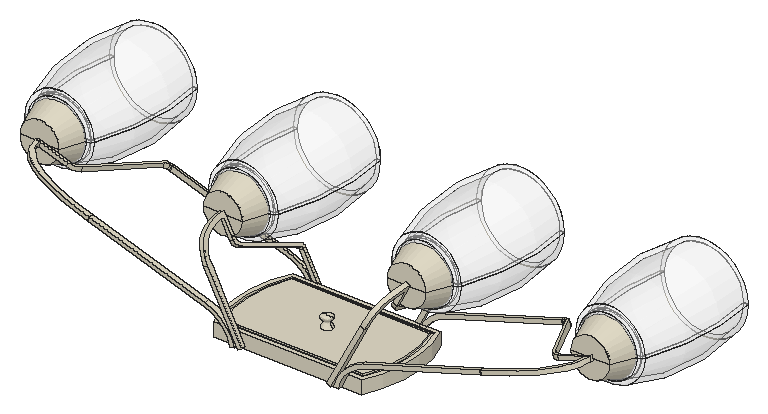
Revit family "P2797-09 4-100W MED BATH BRKT", category Lighting Fixtures, host Face, Revit 2012
Parameters (values of type "P2797-20 4-100W MED BATH BRKT")
  Wattage Comments = "100 W"
  URL = "http://www.progresslighting.com"
  Product Page URL = "https://progresslighting.com/products.aspx?product=P2797-20"
  Product Documentation Link = "https://progresslighting.com/SpecSheets/P2797.pdf"
  Model = "P2797-20 \r\nP2797-20 4-100W MED BATH BRKT\r\nP2797-20\r\nP2796-20"
  Manufacturer Phone = "864-678-1000"  # constant formula
  Manufacturer Fax = "864-678-1065"  # constant formula
  Manufacturer = "Progress Lighting"  # constant formula
  Lamp = "Three"
  Glass = White Etched Glass
  Family = "Wisten"
  Description = "Four-light bracket with etched glass."  # constant formula
  Default Elevation = 48"
  Back Plate = Brushed Nickel
Reference planes (in)
  plane 1 "Center (Front/Back)": y = 0
  plane 2: z = 0
  plane 3 "Center (Left/Right)": x = 0
  plane 4: z = 0.6
  plane 5: z = 0.55
  plane 6: y = 2.25
  plane 7: y = -2.25
  plane 8: z = 1.1
  plane 9: y = -0.69145
  plane 10: y = 5.80855
  plane 11: z = 6.25
  plane 12: z = 4.05
  plane 13: through (4.96619, -180, 1.7314) normal (-0.2924, 0, 0.9563)
  plane 14: x = -0.1
  plane 15: x = 0.1
  plane 16: x = -14.75
  plane 17: x = 14.75
  plane 18: x = -12.55
  plane 19: x = 12.55
  plane 20: x = -4.18333
  plane 21: x = 4.18333
  plane 22: through (12.55, -180, 4.05) normal (0.2924, 0, -0.9563)
  plane 23: through (-4.96619, -180, 1.7314) normal (-0.2924, 0, -0.9563)
  plane 24: through (-12.55, -180, 4.05) normal (0.2924, 0, 0.9563)
  plane 25: through (-4.96619, -180, 1.7314) normal (-0.2924, 0, -0.9563)
  plane 26: through (-12.55, -180, 4.05) normal (0.2924, 0, 0.9563)
  plane 27: through (4.20166, -180, 4.08459) normal (0.8829, 0, -0.4695)
Forms (in)
  Extrusion 1, solid, material "Brushed Nickel" <- "Back Plate"
    sketch origin (0, 0, 0) x (1, 0, 0) y (0, 1, 0)
      loop
        arc (-3.375, 2.25) -> (-3.875, 0) -> (-3.375, -2.25) r 5.3125
        line (-3.375, -2.25) -> (3.375, -2.25)
        arc (3.375, -2.25) -> (3.89326, 0) -> (3.375, 2.25) r 5.14326
        line (3.375, 2.25) -> (-3.375, 2.25)
    from 0 to 0.6
  Extrusion 2, void
    sketch origin (0, 0, 0) x (1, 0, 0) y (0, 1, 0)
      loop
        arc (-3.24651, 2.05078) -> (-3.67578, 0) -> (-3.24651, -2.05078) r 5.11328
        line (-3.24651, -2.05078) -> (3.24651, -2.05078)
        arc (3.24651, -2.05078) -> (3.69209, 0) -> (3.24651, 2.05078) r 4.94209
        line (3.24651, 2.05078) -> (-3.24651, 2.05078)
      loop
        arc (-3.14843, 1.90234) -> (-3.52734, 0) -> (-3.14843, -1.90234) r 4.96484
        line (-3.14843, -1.90234) -> (3.14843, -1.90234)
        arc (3.14843, -1.90234) -> (3.54219, 0) -> (3.14843, 1.90234) r 4.79219
        line (3.14843, 1.90234) -> (-3.14843, 1.90234)
    from 0.55 to 0.6
  Revolve 3, solid, material "Brushed Nickel" <- "Back Plate"
    sketch origin (0, 0, 0) x (1, 0, 0) y (0, 0, 1)
      loop
        line (0, 0.6) -> (0, 1.1)
        spline (0, 1.1) -> (-0.1479, 1.083) -> (-0.22595, 1.05418) -> (-0.25007, 1.01719) -> (-0.23614, 0.97571) -> (-0.20009, 0.9334) -> (-0.15783, 0.89393) -> (-0.12509, 0.86086) -> (-0.11114, 0.83274) -> (-0.11632, 0.80132) -> (-0.14035, 0.75788) -> (-0.18296, 0.69368) -> (-0.24387, 0.6)
        line (-0.24387, 0.6) -> (0, 0.6)
      axis (0, 1.1) -> (0, 0.6)
    angle from 0 to 360
  Extrusion 4, solid, material "Brushed Nickel" <- "Back Plate"
    sketch origin (0, 0, 0) x (1, 0, 0) y (0, 0, 1)
      loop
        line (8.89941, 3.04011) -> (3.57754, 1.41305)
        arc (3.57754, 1.41305) -> (2.72938, 0.88306) -> (2.25985, 0) r 1.9321
        line (2.25985, 0) -> (2.46897, 0)
        arc (2.46897, 0) -> (2.8941, 0.76162) -> (3.63692, 1.2188) r 1.72897
        line (3.63692, 1.2188) -> (8.9588, 2.84586) -> (8.89941, 3.04011)
    from 2.25 to 2.44521
  Sweep 5, solid, material "Brushed Nickel" <- "Back Plate"
    path origin (8.9291, -180, 2.94298) x (-0.956305, 0, -0.292372) y (0, -1, 0)
      loop
        line (0, -182.30741) -> (-0.09395, -182.30741)
        arc (-0.09395, -182.30741) -> (-0.22977, -182.27165) -> (-0.33037, -182.17365) r 0.27582
        line (-0.33037, -182.17365) -> (-1.94141, -179.49244)
        arc (-1.94141, -179.49244) -> (-2.12378, -179.31478) -> (-2.36999, -179.24995) r 0.5
        line (-2.36999, -179.24995) -> (-3.89577, -179.24995)
    profile origin (8.97402, 2.30741, 2.95671) x (0, 1, 0) y (-0.292372, 0, 0.956305)
      loop
        line (0.05741, 0.10156) -> (-0.05741, 0.10156) -> (-0.05741, -0.10156) -> (0.05741, -0.10156) -> (0.05741, 0.10156)
  Sweep 6, solid, material "Brushed Nickel" <- "Back Plate"
    path origin (8.93147, -180, 2.9437) x (-0.956305, 0, -0.292372) y (0, -1, 0)
      loop
        spline (0, -177.65239) -> (-0.44468, -177.65795) -> (-0.89102, -177.6765) -> (-1.33151, -177.71084) -> (-1.75867, -177.76376) -> (-2.16498, -177.83808) -> (-2.54296, -177.93659) -> (-2.8851, -178.06209) -> (-3.1839, -178.21739) -> (-3.43188, -178.40528) -> (-3.62151, -178.62857) -> (-3.74532, -178.89006) -> (-3.7958, -179.19254)
    profile origin (11.36332, -2.06341, 3.68719) x (-0.282083, 0.955506, -0.086241) y (-0.292372, 0, 0.956305)
      loop
        line (0.09764, 0.10156) -> (-0.09756, 0.10156) -> (-0.09756, -0.10156) -> (0.09764, -0.10156) -> (0.09764, 0.10156)
  Sweep 7, solid, material "Brushed Nickel" <- "Back Plate"
    path origin (-8.9291, -180, 2.94298) x (0.956305, 0, -0.292372) y (0, -1, 0)
      loop
        line (0, -182.30741) -> (-0.09395, -182.30741)
        arc (-0.09395, -182.30741) -> (-0.22977, -182.27165) -> (-0.33037, -182.17365) r 0.27582
        line (-0.33037, -182.17365) -> (-1.94141, -179.49244)
        arc (-1.94141, -179.49244) -> (-2.12378, -179.31478) -> (-2.36999, -179.24995) r 0.5
        line (-2.36999, -179.24995) -> (-3.89577, -179.24995)
    profile origin (-8.97402, 2.30741, 2.95671) x (0, -1, 0) y (0.292372, 0, 0.956305)
      loop
        line (-0.05741, 0.10156) -> (-0.05741, -0.10156) -> (0.05741, -0.10156) -> (0.05741, 0.10156) -> (-0.05741, 0.10156)
  Sweep 8, solid, material "Brushed Nickel" <- "Back Plate"
    path origin (-8.93147, -180, 2.9437) x (0.956305, 0, -0.292372) y (0, -1, 0)
      loop
        spline (0, -177.65239) -> (-0.44468, -177.65795) -> (-0.89102, -177.6765) -> (-1.33151, -177.71084) -> (-1.75867, -177.76376) -> (-2.16498, -177.83808) -> (-2.54296, -177.93659) -> (-2.8851, -178.06209) -> (-3.1839, -178.21739) -> (-3.43188, -178.40528) -> (-3.62151, -178.62857) -> (-3.74532, -178.89006) -> (-3.7958, -179.19254)
    profile origin (-11.36332, -2.06341, 3.68719) x (-0.282083, -0.955506, 0.086241) y (0.292372, 0, 0.956305)
      loop
        line (-0.09764, 0.10156) -> (-0.09764, -0.10156) -> (0.09756, -0.10156) -> (0.09756, 0.10156) -> (-0.09764, 0.10156)
  Extrusion 9, solid, material "Brushed Nickel" <- "Back Plate"
    sketch origin (0, 0, 0) x (-1, 0, 0) y (0, 0, -1)
      loop
        line (8.90178, -3.04083) -> (8.96117, -2.84658) -> (3.63692, -1.2188)
        arc (3.63692, -1.2188) -> (2.8941, -0.76162) -> (2.46897, 0) r 1.72897
        line (2.46897, 0) -> (2.25985, 0)
        arc (2.25985, 0) -> (2.72938, -0.88306) -> (3.57754, -1.41305) r 1.9321
        line (3.57754, -1.41305) -> (8.90178, -3.04083)
    from 2.25 to 2.44521
  Extrusion 10, solid, material "Brushed Nickel" <- "Back Plate"
    sketch origin (0, 0, 0) x (-1, 0, 0) y (0, 0, 1)
      loop
        line (8.89941, 3.04011) -> (3.57754, 1.41305)
        arc (3.57754, 1.41305) -> (2.72938, 0.88306) -> (2.25985, 0) r 1.9321
        line (2.25985, 0) -> (2.46897, 0)
        arc (2.46897, 0) -> (2.8941, 0.76162) -> (3.63692, 1.2188) r 1.72897
        line (3.63692, 1.2188) -> (8.9588, 2.84586) -> (8.89941, 3.04011)
    from 2.25 to 2.36482
  Extrusion 11, solid, material "Brushed Nickel" <- "Back Plate"
    sketch origin (0, 0, 0) x (1, 0, 0) y (0, 0, -1)
      loop
        line (8.89941, -3.04011) -> (8.9588, -2.84586) -> (3.63692, -1.2188)
        arc (3.63692, -1.2188) -> (2.8941, -0.76162) -> (2.46897, 0) r 1.72897
        line (2.46897, 0) -> (2.25985, 0)
        arc (2.25985, 0) -> (2.72938, -0.88306) -> (3.57754, -1.41305) r 1.9321
        line (3.57754, -1.41305) -> (8.89941, -3.04011)
    from 2.25 to 2.36482
  Extrusion 12, solid, material "Brushed Nickel" <- "Back Plate"
    sketch origin (4.19986, -180, 4.08121) x (0.469472, 0, 0.882948) y (0, -1, 0)
      loop
        line (-1.34548, -177.55479) -> (-4.58801, -177.55479) -> (-4.58801, -177.75) -> (-2.57016, -177.75) -> (-1.3642, -177.75)
        spline (-1.3642, -177.75) -> (-1.15619, -177.75686) -> (-0.9694, -177.79132) -> (-0.80324, -177.85128) -> (-0.65711, -177.93465) -> (-0.53041, -178.03933) -> (-0.42255, -178.16322) -> (-0.33292, -178.30422) -> (-0.26092, -178.46024) -> (-0.20597, -178.62918) -> (-0.16746, -178.80894) -> (-0.14479, -178.99743) -> (-0.13737, -179.19254)
        line (-0.13737, -179.19254) -> (-1.04425, -179.19254)
        spline (-1.04425, -179.19254) -> (-1.07803, -179.19459) -> (-1.11156, -179.20073) -> (-1.1446, -179.21091) -> (-1.1769, -179.22506) -> (-1.20822, -179.24307) -> (-1.23834, -179.26481) -> (-1.26703, -179.29012) -> (-1.29407, -179.31881) -> (-1.31928, -179.35068) -> (-1.34247, -179.38548) -> (-1.36346, -179.42297) -> (-1.3821, -179.46287)
        line (-1.3821, -179.46287) -> (-2.52128, -182.14408)
        spline (-2.52128, -182.14408) -> (-2.52858, -182.15971) -> (-2.53681, -182.1744) -> (-2.54589, -182.18804) -> (-2.55577, -182.20052) -> (-2.56637, -182.21177) -> (-2.57761, -182.22168) -> (-2.58941, -182.2302) -> (-2.60168, -182.23726) -> (-2.61434, -182.2428) -> (-2.62728, -182.24679) -> (-2.64042, -182.2492) -> (-2.65366, -182.25)
        line (-2.65366, -182.25) -> (-4.588, -182.25) -> (-4.588, -182.36482) -> (-2.5978, -182.36482)
        spline (-2.5978, -182.36482) -> (-2.57733, -182.36352) -> (-2.55702, -182.35963) -> (-2.53701, -182.35317) -> (-2.51747, -182.3442) -> (-2.49854, -182.33278) -> (-2.48037, -182.319) -> (-2.46309, -182.30296) -> (-2.44684, -182.2848) -> (-2.43173, -182.26464) -> (-2.41789, -182.24264) -> (-2.40542, -182.21897) -> (-2.39442, -182.1938)
        line (-2.39442, -182.1938) -> (-1.26142, -179.51951)
        arc (-1.26142, -179.51951) -> (-1.13373, -179.36606) -> (-0.94257, -179.30855) r 0.34644
        line (-0.94257, -179.30855) -> (0.07469, -179.30855)
        spline (0.07469, -179.30855) -> (0.07454, -179.09061) -> (0.05688, -178.8772) -> (0.02042, -178.67006) -> (-0.03621, -178.47111) -> (-0.11472, -178.28299) -> (-0.21686, -178.10853) -> (-0.34422, -177.95087) -> (-0.49745, -177.81439) -> (-0.67587, -177.70358) -> (-0.87767, -177.62222) -> (-1.10135, -177.57216) -> (-1.34548, -177.55479)
    from -0.1025 to 0.1025
  Extrusion 13, solid, material "Brushed Nickel" <- "Back Plate"
    sketch origin (-4.19986, -180, 4.08121) x (-0.469472, 0, 0.882948) y (0, 1, 0)
      loop
        spline (-1.34548, 177.55479) -> (-1.10135, 177.57216) -> (-0.87767, 177.62222) -> (-0.67587, 177.70358) -> (-0.49745, 177.81439) -> (-0.34422, 177.95087) -> (-0.21686, 178.10853) -> (-0.11472, 178.28299) -> (-0.03621, 178.47111) -> (0.02042, 178.67006) -> (0.05688, 178.8772) -> (0.07454, 179.09061) -> (0.07469, 179.30855)
        line (0.07469, 179.30855) -> (-0.94257, 179.30855)
        arc (-0.94257, 179.30855) -> (-1.13373, 179.36606) -> (-1.26142, 179.51951) r 0.34644
        line (-1.26142, 179.51951) -> (-2.39442, 182.1938)
        spline (-2.39442, 182.1938) -> (-2.40542, 182.21897) -> (-2.41789, 182.24264) -> (-2.43173, 182.26464) -> (-2.44684, 182.2848) -> (-2.46309, 182.30296) -> (-2.48037, 182.319) -> (-2.49854, 182.33278) -> (-2.51747, 182.3442) -> (-2.53701, 182.35317) -> (-2.55702, 182.35963) -> (-2.57733, 182.36352) -> (-2.5978, 182.36482)
        line (-2.5978, 182.36482) -> (-4.588, 182.36482) -> (-4.588, 182.25) -> (-2.65366, 182.25)
        spline (-2.65366, 182.25) -> (-2.64042, 182.2492) -> (-2.62728, 182.24679) -> (-2.61434, 182.2428) -> (-2.60168, 182.23726) -> (-2.58941, 182.2302) -> (-2.57761, 182.22168) -> (-2.56637, 182.21177) -> (-2.55577, 182.20052) -> (-2.54589, 182.18804) -> (-2.53681, 182.1744) -> (-2.52858, 182.15971) -> (-2.52128, 182.14408)
        line (-2.52128, 182.14408) -> (-1.3821, 179.46287)
        spline (-1.3821, 179.46287) -> (-1.36346, 179.42297) -> (-1.34247, 179.38548) -> (-1.31928, 179.35068) -> (-1.29407, 179.31881) -> (-1.26703, 179.29012) -> (-1.23834, 179.26481) -> (-1.20822, 179.24307) -> (-1.1769, 179.22506) -> (-1.1446, 179.21091) -> (-1.11156, 179.20073) -> (-1.07803, 179.19459) -> (-1.04425, 179.19254)
        line (-1.04425, 179.19254) -> (-0.13737, 179.19254)
        spline (-0.13737, 179.19254) -> (-0.14479, 178.99743) -> (-0.16746, 178.80894) -> (-0.20597, 178.62918) -> (-0.26092, 178.46024) -> (-0.33292, 178.30422) -> (-0.42255, 178.16322) -> (-0.53041, 178.03933) -> (-0.65711, 177.93465) -> (-0.80324, 177.85128) -> (-0.9694, 177.79132) -> (-1.15619, 177.75686) -> (-1.3642, 177.75)
        line (-1.3642, 177.75) -> (-2.57016, 177.75) -> (-4.58801, 177.75) -> (-4.58801, 177.55479) -> (-1.34548, 177.55479)
    from -0.1025 to 0.1025
Cuts and joins
  Extrusion 2 cuts Extrusion 1
Lines and regions (in)
  reference lines
    curve 1: line (-3.375, 2.25, 0) -> (3.375, 2.25, 0)
    curve 2: arc (3.375, 2.25, 0) -> (3.89326, 0, 0) -> (3.375, -2.25, 0) r 5.14326
    curve 3: line (3.375, -2.25, 0) -> (-3.375, -2.25, 0)
    curve 4: arc (-3.375, -2.25, 0) -> (-3.875, 0, 0) -> (-3.375, 2.25, 0) r 5.3125
    curve 5: line (-3.24651, 2.05078, 0) -> (3.24651, 2.05078, 0)
    curve 6: arc (-3.24651, -2.05078, 0) -> (-3.67578, 0, 0) -> (-3.24651, 2.05078, 0) r 5.11328
    curve 7: line (3.24651, -2.05078, 0) -> (-3.24651, -2.05078, 0)
    curve 8: arc (3.24651, 2.05078, 0) -> (3.69209, 0, 0) -> (3.24651, -2.05078, 0) r 4.94209
    curve 9: line (-3.14843, 1.90234, 0) -> (3.14843, 1.90234, 0)
    curve 10: arc (-3.14843, -1.90234, 0) -> (-3.52734, 0, 0) -> (-3.14843, 1.90234, 0) r 4.96484
    curve 11: line (3.14843, -1.90234, 0) -> (-3.14843, -1.90234, 0)
    curve 12: arc (3.14843, 1.90234, 0) -> (3.54219, 0, 0) -> (3.14843, -1.90234, 0) r 4.79219
Dimensions and locks (in)
  locked: plane 2 to plane 4 at 0.6
  plane 2 to plane 5 to plane 4 = 0.55", 0.05"
  locked: plane 6 to plane 1 "Center (Front/Back)" at 2.25
  locked: plane 7 to plane 1 "Center (Front/Back)" at 2.25
  locked: plane 10 to plane 7 at 8.05855
  locked: plane 11 to host face at 6.25
  plane 8 to plane 12 to plane 11 = 2.95" locked, 2.2" locked
  equal spacing: plane 15, plane 3 "Center (Left/Right)", plane 14, locked at 0.1 each
  plane 17 to plane 3 "Center (Left/Right)" to plane 16 = 14 3/4" locked, 14 3/4" locked
  equal spacing: plane 19, plane 3 "Center (Left/Right)", plane 18, locked at 12.55 each
  equal spacing: plane 19, plane 21, plane 20, plane 18, locked at 8.36667 each
  locked: Extrusion 4 sketch curve to Extrusion 4 sketch curve at 0.20312
  locked: Extrusion 9 sketch curve to Extrusion 9 sketch curve at 0.20312
  locked: Extrusion 10 sketch curve to Extrusion 10 sketch curve at 0.20312
  locked: Extrusion 11 sketch curve to Extrusion 11 sketch curve at 0.20312
  nested 4 to plane 1 "Center (Front/Back)" = 0.69145"
  locked: host face to plane 22 (angle 17.00°)
  locked: host face to plane 27 (angle 62.00°)
  aligned and locked: plane 2 to host face
  aligned and locked: level to host face
  aligned and locked: Extrusion 1 sketch curve to curve 4
  aligned and locked: Extrusion 1 sketch curve to curve 2
  aligned and locked: plane 4 to Extrusion 1
  aligned and locked: Extrusion 2 sketch curve to curve 6
  aligned and locked: Extrusion 2 sketch curve to curve 8
  aligned and locked: Extrusion 2 sketch curve to curve 12
  aligned and locked: Extrusion 2 sketch curve to curve 10
  aligned and locked: Extrusion 2 to plane 5
  aligned and locked: Extrusion 1 to Extrusion 2
  aligned and locked: Extrusion 4 to curve 3
  aligned and locked: Sweep 5 to Sweep 6
  aligned and locked: Sweep 5 to Extrusion 4  (x2)
  aligned and locked: Sweep 8 to Sweep 7
  aligned and locked: Extrusion 4 sketch curve to level
  aligned and locked: Extrusion 4 to host face
  aligned and locked: Sweep 6 to Extrusion 4
  aligned and locked: Extrusion 9 to level
  aligned and locked: Extrusion 9 to Sweep 8  (x2)
  aligned and locked: Extrusion 9 to Sweep 7
  aligned and locked: Sweep 5 to Extrusion 10
  aligned and locked: Extrusion 10 to level
  aligned and locked: Extrusion 10 to plane 6
  aligned and locked: Extrusion 10 to Sweep 7
  aligned and locked: Extrusion 11 to level
  aligned and locked: Extrusion 11 to Extrusion 4
  aligned and locked: Extrusion 11 to Sweep 5
  aligned and locked: Extrusion 11 to curve 1
  aligned and locked: Extrusion 12 sketch curve to Extrusion 12 sketch curve
  aligned and locked: Extrusion 4 to Extrusion 12 sketch curve
  aligned and locked: Extrusion 12 sketch curve to cut or joined group of Extrusion 1, Extrusion 2
  aligned and locked: Sweep 5 to Extrusion 12 sketch curve
  aligned and locked: Extrusion 11 to Extrusion 12 sketch curve
  aligned and locked: Extrusion 13 sketch curve to Extrusion 13 sketch curve
  aligned and locked: nested 4 to plane 9
  aligned and locked: plane 18 to nested 1
  aligned and locked: plane 20 to nested 2
  aligned and locked: plane 21 to nested 3
  aligned and locked: nested 4 to plane 19
  aligned and locked: plane 12 to nested 4
  aligned and locked: Extrusion 10 to cut or joined group of Extrusion 1, Extrusion 2
Automatic sketch dimensions
  host sketch curve to host sketch curve = 96"  (x2)
  curve 2 to curve 8 = 0"  (x2)
  curve 2 to curve 12 = 0"  (x2)
  curve 4 to curve 6 = 0"  (x2)
  curve 4 to curve 10 = 0"  (x2)
  curve 6 to curve 10 = 0"  (x2)
  curve 8 to curve 12 = 0"  (x2)
  plane 7 to curve 4 = 0"
  curve 4 to plane 6 = 0"
  plane 1 "Center (Front/Back)" to curve 8 = 0"
  plane 1 "Center (Front/Back)" to curve 10 = 0"
  plane 20 to curve 4 = 0.80833"
  curve 4 to curve 5 = 0.12849"
  curve 6 to plane 7 = 51/256"
  curve 3 to curve 6 = 0.12849"
  curve 7 to curve 10 = 0.09808"
  curve 6 to curve 10 = 0.09808"
  curve 8 to plane 14 = 1.15"
  plane 15 to curve 10 = 1.3375"
  curve 11 to plane 7 = 89/256"
  curve 11 to plane 21 = 1.0349"
  curve 9 to curve 8 = 0.09808"
  curve 5 to curve 2 = 0.12849"
  Extrusion 1 sketch curve to plane 6 = 0"
  plane 7 to Extrusion 1 sketch curve = 0"
  Extrusion 2 sketch curve to plane 6 = 89/256"
  Extrusion 2 sketch curve to plane 7 = 89/256"
  Extrusion 2 sketch curve to Extrusion 2 sketch curve = 0.09808"  (x2)
  Revolve 3 sketch curve to plane 4 = 0"  (x2)
  Revolve 3 sketch curve to plane 3 "Center (Left/Right)" = 0"  (x2)
  Revolve 3 sketch curve to plane 8 = 0"  (x2)
  Revolve 3 sketch curve to plane 14 = 0.14387"
  Extrusion 4 sketch curve to Extrusion 4 sketch curve = 0"  (x2)
  Extrusion 4 sketch curve to level = 0"
  Extrusion 4 sketch curve to plane 21 = 1.92348"
  Extrusion 4 sketch curve to Extrusion 4 sketch curve = 0.20912"
  plane 8 to Extrusion 4 sketch curve = 0.31305"
  Extrusion 4 sketch curve to plane 21 = 0.6058"
  plane 8 to Extrusion 4 sketch curve = 0.1188"
  Extrusion 4 sketch curve to plane 12 = 1.00989"
  plane 19 to Extrusion 4 sketch curve = 3.65059"
  Sweep 5 sketch curve to plane 9 = 15/256"
  Sweep 5 sketch curve to Sweep 5 sketch curve = 1.52578"
  plane 9 to Sweep 5 sketch curve = 0.18389"
  Sweep 5 sketch curve to Sweep 5 sketch curve = 0.42858"
  Sweep 5 sketch curve to plane 6 = 0.07635"
  Sweep 5 sketch curve to Sweep 5 sketch curve = 1.61104"
  Sweep 5 sketch curve to Sweep 5 sketch curve = 0.23642"
  Sweep 5 sketch curve to Sweep 5 sketch curve = 0.09395"
  plane 6 to Sweep 5 sketch curve = 0.05741"
  profile plane to Sweep 5 sketch curve = 0.05741"
  Sweep 5 sketch curve to profile plane = 0.05741"
  Sweep 5 sketch curve to plane 13 = 13/128"
  plane 13 to Sweep 5 sketch curve = 13/128"
  Sweep 6 sketch curve to plane 9 = 0.11601"
  plane 7 to Sweep 6 sketch curve = 0.09761"
  Sweep 6 sketch curve to Sweep 6 sketch curve = 3.7958"
  profile plane to Sweep 6 sketch curve = 0.09756"
  Sweep 6 sketch curve to profile plane = 25/256"
  Sweep 6 sketch curve to plane 13 = 13/128"
  plane 13 to Sweep 6 sketch curve = 13/128"
  plane 9 to Sweep 7 sketch curve = 15/256"
  Sweep 7 sketch curve to Sweep 7 sketch curve = 1.52578"
  Sweep 7 sketch curve to plane 9 = 0.18389"
  Sweep 7 sketch curve to Sweep 7 sketch curve = 0.42858"
  plane 6 to Sweep 7 sketch curve = 0.07635"
  Sweep 7 sketch curve to Sweep 7 sketch curve = 1.61104"
  Sweep 7 sketch curve to Sweep 7 sketch curve = 0.23642"
  Sweep 7 sketch curve to Sweep 7 sketch curve = 0.09395"
  Sweep 7 sketch curve to plane 6 = 0.05741"
  profile plane to Sweep 7 sketch curve = 0.05741"
  Sweep 7 sketch curve to profile plane = 0.05741"
  Sweep 7 sketch curve to plane 25 = 13/128"
  plane 25 to Sweep 7 sketch curve = 13/128"
  plane 9 to Sweep 8 sketch curve = 0.11601"
  Sweep 8 sketch curve to plane 7 = 0.09761"
  Sweep 8 sketch curve to Sweep 8 sketch curve = 3.7958"
  profile plane to Sweep 8 sketch curve = 25/256"
  Sweep 8 sketch curve to profile plane = 0.09756"
  Sweep 8 sketch curve to plane 25 = 13/128"
  plane 25 to Sweep 8 sketch curve = 13/128"
  Extrusion 9 sketch curve to Extrusion 9 sketch curve = 0"  (x2)
  Extrusion 9 sketch curve to level = 0"  (x2)
  Extrusion 9 sketch curve to plane 20 = 1.92348"
  Extrusion 9 sketch curve to Extrusion 9 sketch curve = 0.20912"
  Extrusion 9 sketch curve to plane 8 = 0.31305"
  Extrusion 9 sketch curve to plane 20 = 0.6058"
  Extrusion 9 sketch curve to plane 8 = 0.1188"
  plane 12 to Extrusion 9 sketch curve = 1.00917"
  Extrusion 9 sketch curve to plane 18 = 3.64822"
  Extrusion 10 sketch curve to Extrusion 10 sketch curve = 0"  (x2)
  Extrusion 10 sketch curve to level = 0"  (x2)
  plane 20 to Extrusion 10 sketch curve = 1.92348"
  Extrusion 10 sketch curve to Extrusion 10 sketch curve = 0.20912"
  plane 8 to Extrusion 10 sketch curve = 0.31305"
  plane 20 to Extrusion 10 sketch curve = 0.6058"
  plane 8 to Extrusion 10 sketch curve = 0.1188"
  Extrusion 10 sketch curve to plane 12 = 1.00989"
  plane 18 to Extrusion 10 sketch curve = 3.65059"
  Extrusion 11 sketch curve to Extrusion 11 sketch curve = 0"  (x2)
  Extrusion 11 sketch curve to level = 0"  (x2)
  Extrusion 11 sketch curve to plane 21 = 1.92348"
  Extrusion 11 sketch curve to Extrusion 11 sketch curve = 0.20912"
  plane 8 to Extrusion 11 sketch curve = 0.31305"
  Extrusion 11 sketch curve to plane 21 = 0.6058"
  plane 8 to Extrusion 11 sketch curve = 0.1188"
  Extrusion 11 sketch curve to plane 12 = 1.00989"
  plane 19 to Extrusion 11 sketch curve = 3.65059"
  plane 9 to Extrusion 12 sketch curve = 0"
  plane 6 to Extrusion 12 sketch curve = 0.11482"
  Extrusion 12 sketch curve to Extrusion 12 sketch curve = 0"
  Extrusion 12 sketch curve to Extrusion 12 sketch curve = 1.93434"
  Extrusion 12 sketch curve to Extrusion 12 sketch curve = 0.05586"
  Extrusion 12 sketch curve to Extrusion 12 sketch curve = 2.01785"
  Extrusion 12 sketch curve to plane 6 = 0.10592"
  Extrusion 12 sketch curve to Extrusion 12 sketch curve = 0.07652"
  Extrusion 12 sketch curve to plane 6 = 0.0562"
  Extrusion 12 sketch curve to Extrusion 12 sketch curve = 0.12686"
  plane 9 to Extrusion 12 sketch curve = 0.15432"
  Extrusion 12 sketch curve to Extrusion 12 sketch curve = 1.18806"
  Extrusion 12 sketch curve to Extrusion 12 sketch curve = 1.20596"
  Extrusion 12 sketch curve to Extrusion 12 sketch curve = 0.01872"
  plane 9 to Extrusion 12 sketch curve = 0.21097"
  Extrusion 12 sketch curve to Extrusion 12 sketch curve = 0.12069"
  Extrusion 12 sketch curve to Extrusion 12 sketch curve = 0.21717"
  Extrusion 12 sketch curve to Extrusion 12 sketch curve = 0.10169"
  Extrusion 12 sketch curve to Extrusion 12 sketch curve = 0.8052"
  Extrusion 12 sketch curve to Extrusion 12 sketch curve = 0.21205"
  Extrusion 12 sketch curve to Extrusion 12 sketch curve = 0.11249"
  Extrusion 12 sketch curve to Extrusion 12 sketch curve = 0.00871"
  Extrusion 12 sketch curve to Extrusion 12 sketch curve = 0.09497"
  Extrusion 13 sketch curve to plane 7 = 0"
  plane 6 to Extrusion 13 sketch curve = 0"
  plane 9 to Extrusion 13 sketch curve = 0"
  plane 7 to Extrusion 13 sketch curve = 0.19521"
  plane 6 to Extrusion 13 sketch curve = 0.11482"
  Extrusion 13 sketch curve to Extrusion 13 sketch curve = 0"
  Extrusion 13 sketch curve to Extrusion 13 sketch curve = 1.93434"
  Extrusion 13 sketch curve to Extrusion 13 sketch curve = 0.05586"
  Extrusion 13 sketch curve to Extrusion 13 sketch curve = 2.01785"
  Extrusion 13 sketch curve to plane 6 = 0.10592"
  Extrusion 13 sketch curve to Extrusion 13 sketch curve = 0.07652"
  Extrusion 13 sketch curve to plane 6 = 0.0562"
  Extrusion 13 sketch curve to Extrusion 13 sketch curve = 0.12686"
  plane 9 to Extrusion 13 sketch curve = 0.15432"
  Extrusion 13 sketch curve to Extrusion 13 sketch curve = 1.18806"
  Extrusion 13 sketch curve to Extrusion 13 sketch curve = 1.20596"
  Extrusion 13 sketch curve to Extrusion 13 sketch curve = 0.01872"
  plane 9 to Extrusion 13 sketch curve = 0.21097"
  Extrusion 13 sketch curve to Extrusion 13 sketch curve = 0.12069"
  Extrusion 13 sketch curve to Extrusion 13 sketch curve = 0.21717"
  Extrusion 13 sketch curve to Extrusion 13 sketch curve = 0.10169"
  Extrusion 13 sketch curve to plane 9 = 0.11601"
  Extrusion 13 sketch curve to Extrusion 13 sketch curve = 0.8052"
  Extrusion 13 sketch curve to Extrusion 13 sketch curve = 0.21205"
  Extrusion 13 sketch curve to Extrusion 13 sketch curve = 0.09497"
  Extrusion 13 sketch curve to Extrusion 13 sketch curve = 0.1212"
  Extrusion 13 sketch curve to Extrusion 13 sketch curve = 0.00871"
Nested families (in)
  nested 1: "Light P2794" at (-12.55, -0.69145, 4.05), type "Light P2794"
  nested 2: "Light P2794" at (-4.18333, -0.69145, 4.05), type "Light P2794"
  nested 3: "Light P2794" at (4.18333, -0.69145, 4.05), type "Light P2794"
  nested 4: "Light P2794" at (12.55, -0.69145, 4.05), type "Light P2794"
Connectors (in)
  electrical at (0, 0, 0), driven by "Description"
    settings: on cut or joined group of Extrusion 1, Extrusion 2, index 1, voltage 0 V, apparent load 0 VA, apparent load phase1 0 VA, apparent load phase2 0 VA, apparent load phase3 0 VA, power factor 1, load classification "Other", number of poles 1, system type 30, power factor state 1, is connector primary yes, connector utility no, sub classification motor no, connector description "Four-light bracket with etched glass."
Definition of nested family "Light P2794"
  Parameters (values of type "Light P2794")
    Wattage = 9.2903 W
    built-in parameter 1150110 = 1 (stored number, unit not read)
    built-in parameter 1114217 = 1 (stored number, unit not read)
    built-in parameter 1150109 = 1 (stored number, unit not read)
    built-in parameter 1150134 = 3
    built-in parameter 1150113 = 1 (stored number, unit not read)
    built-in parameter 1150105 = 109.82 (stored number, unit not read)
    Lumens = 1380 lm
    built-in parameter 1150115 = 1 (stored number, unit not read)
    Light Source Symbol Size = 4"
    built-in parameter 1150137 = (empty or 0)
    built-in parameter 1150139 = (empty or 0)
    built-in parameter 1150112 = 1 (stored number, unit not read)
    built-in parameter 1150114 = 1 (stored number, unit not read)
    built-in parameter 1150132 = (empty or 0)
    built-in parameter 1150102 = (empty or 0)
    built-in parameter 1150107 = 3200 (stored number, unit not read)
    built-in parameter 1150138 = (empty or 0)
    built-in parameter 1150106 = 1.0982 (stored number, unit not read)
    Glass = White Etched Glass
    built-in parameter 1150104 = 13.8 (stored number, unit not read)
    Dimming Lamp Color Temperature Shift = (empty or 0)
    Color Filter = 16777215
    built-in parameter 1114218 = 1 (stored number, unit not read)
    Back Plate = none
    built-in parameter 1150133 = 10 (stored number, unit not read)
  Reference planes (in)
    plane 1 "Center (Front/Back)": y = 0
    plane 2: z = 0
    plane 3 "Center (Left/Right)": x = 0
    plane 4: y = 6.5
    plane 5: y = 1
    plane 6: x = 2
    plane 7: x = 2.2
    plane 8: x = 1.25
  Forms (in)
    Revolve 1, solid, material "White Etched Glass" <- "Glass"
      sketch origin (0, 0, 0) x (1, 0, 0) y (0, 1, 0)
        loop
          arc (1.79522, 6.5) -> (1.97746, 3.83687) -> (1.39465, 1.23191) r 9.28693
          arc (1.39465, 1.23191) -> (1.37601, 1.20818) -> (1.3472, 1.19922) r 0.05078
          line (1.3472, 1.19922) -> (0, 1.19922) -> (0, 1) -> (1.3472, 1)
          arc (1.3472, 1) -> (1.48903, 1.04412) -> (1.58079, 1.16092) r 0.25
          arc (1.58079, 1.16092) -> (2.17445, 3.80034) -> (1.99893, 6.5) r 9.48615
          line (1.99893, 6.5) -> (1.79522, 6.5)
        axis (0, 1) -> (0, 6.5)
      angle from 0 to 360
    Revolve 2, solid, material <- "Back Plate"
      sketch origin (0, 0, 0) x (1, 0, 0) y (0, 1, 0)
        loop
          line (1.25, 1) -> (0, 1) -> (0, 0) -> (0.88603, 0) -> (1.25, 1)
        axis (0, 1) -> (0, 0)
      angle from 0 to 360
  Dimensions and locks (in)
    plane 1 "Center (Front/Back)" to plane 5 to plane 4 = 1" locked, 5 1/2" locked
    locked: plane 7 to plane 6 at 0.2
    plane 3 "Center (Left/Right)" to plane 6 = 2"
    locked: Revolve 1 sketch curve to Revolve 1 sketch curve at 0.19922
    radius of Revolve 1 sketch curve = 9.28693"
    aligned and locked: level to plane 2
    aligned and locked: plane 5 to Revolve 1 sketch curve
    aligned and locked: Revolve 2 sketch curve to plane 3 "Center (Left/Right)"
    aligned and locked: Revolve 2 sketch curve to plane 5
    aligned and locked: Revolve 2 sketch curve to Revolve 2 sketch curve
    aligned and locked: plane 3 "Center (Left/Right)" to Revolve 1 sketch curve
    aligned and locked: Revolve 1 sketch curve to plane 4
    aligned and locked: plane 4 to Revolve 1 sketch curve  (x2)
    aligned and locked: Revolve 2 to plane 1 "Center (Front/Back)"
    aligned and locked: plane 5 to Revolve 2
    aligned and locked: plane 3 "Center (Left/Right)" to imposter light
    aligned and locked: level to imposter light
